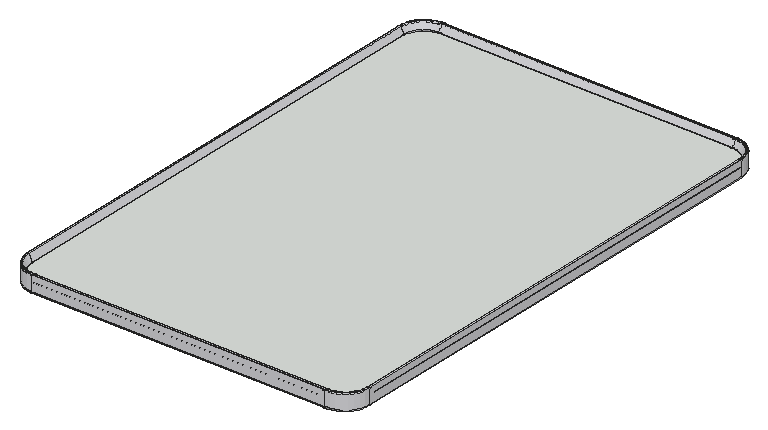
Revit family "Furniture-Mirror-KOHLER-Essential-K-31365_1", category Specialty Equipment, host Face, Revit 2022
Family settings
  Host = Face
  Round Connector Dimension = Use Diameter
  Part Type = Normal
  OmniClass Number = 23.21.37.13.15
  OmniClass Title = Mirrors
  Cut with Voids When Loaded = No
  Maintain Annotation Orientation = No
  Shared = No
  Room Calculation Point = No
Parameters (values of type "CPL-Polished Chrome")
  Width = 1.37795"  # constant formula
  WaterSense Certified = 1 = 0  # no
  URL = "https://www.us.kohler.com/us/"
  Type = 1
  Product Page URL = "http://www.us.kohler.com/us/catalog/productDetails.jsp?productId=31365"
  Product Name = "Essential"  # constant formula
  Product Documentation Link = "https://www.us.kohler.com/webassets/kpna/catalog/pdf/en/K-31365_spec_US-CA_Kohler_en.pdf"
  Model = if(Type = 1, "K-31365-CPL", if(Type = 2, "K-31365-BNL", if(Type = 3, "K-31365-BLL", if(Type = 4, "K-31365-BGL", "NA"))))  # "K-31365-CPL"
  Material = "Premium Metal Construction"  # constant formula
  Master Format 2014 Name = "Cabinet and Drawer Hardware"  # constant formula
  Master Format 2014 = "06 41 93"  # constant formula
  Manufacturer Address = "444 Highland Dr, Kohler, WI 53044"  # constant formula
  Manufacturer = "Kohler Co."  # constant formula
  Length = 30"  # constant formula
  Height = 45"  # constant formula
  Finish = KOHLER-Metal-CPL-Polished_Chrome
  Environmental Product Declaration = ""
  Description = "Rectangle Mirror"  # constant formula
  Default Elevation = 60"
  Declare Label = ""
  Date Modified = "07/01/2022"  # constant formula
  Date Created = "07/01/2022"  # constant formula
  Copyright = "Copyright Kohler Co."  # constant formula
  Contact Us = "https://www.us.kohler.com/us/static/contact.jsp"
  Assembly Code = "E20"
  ADA Compliant = 1 = 0  # no
Types (5): name | Type | Model | Finish
  (no name) | 1 | "K-31365-CPL" | KOHLER-Metal-CPL-Polished_Chrome
  CPL-Polished Chrome | 1 | "K-31365-CPL" | KOHLER-Metal-CPL-Polished_Chrome
  BNL-Brushed Nickel | 2 | "K-31365-BNL" | KOHLER-Metal-BNL-Brushed_Nickel
  BLL-Matte Black | 3 | "K-31365-BLL" | KOHLER-Metal-BLL-Matte_Black
  BGL-Moderne Brushed Gold | 4 | "K-31365-BGL" | KOHLER-Metal-BGL-Moderne_Brushed_Gold
Reference planes (in)
  plane 1 "Center (Front/Back)": y = 0
  plane 2: z = 0
  plane 3 "Center (Left/Right)": x = 0
  plane 4: x = -15
  plane 5: x = -15
  plane 6: x = 15
  plane 7: y = 22.5
  plane 8: y = -22.5
  plane 9: x = -15
  plane 10: y = 22.5
  plane 11: z = 1.37795
  plane 12: x = 9.96063
  plane 13: x = 10.19685
  plane 14: x = 6.65354
  plane 15: y = 14.15354
  plane 16: y = 9.98031
  plane 17: y = -9.98031
  plane 18: x = -10.11811
Dimensions and locks (in)
  "Height": plane 8 to plane 10
  "Length": plane 5 to plane 6
  "Width": plane 11 to level
  locked: plane 9 to plane 6 at 30
  plane 10 to plane 8 = 45"
  level to plane 11 = 1.37795"
  aligned and locked: plane 2 to host face
  aligned and locked: level to host face
  aligned and locked: plane 3 "Center (Left/Right)" to nested 1
  aligned and locked: plane 1 "Center (Front/Back)" to nested 1
Automatic sketch dimensions
  host sketch curve to host sketch curve = 96"  (x2)
Nested families (in)
  nested 1: "K-31365" at (0, 0, 0), type "K-31365"
Definition of nested family "K-31365"
  Parameters
    Material = none
    Default Elevation = 0"
  Reference planes (in)
    plane 1 "Center (Front/Back)": y = 0
    plane 2: z = 0
    plane 3 "Center (Left/Right)": x = 0
    plane 4: x = -15
    plane 5: x = 15
    plane 6: z = 1.37795
    plane 7: y = 22.5
    plane 8: y = -22.5
    plane 9: y = 14.15354
    plane 10: x = 9.96063
    plane 11: x = -10.11811
    plane 12: x = 10.19685
    plane 13: x = 6.65354
    plane 14: y = -9.98031
    plane 15: y = 9.98031
  Forms (in)
    Sweep 1, solid, material <- "Material", detail levels medium+fine
      path origin (0, 0, 0) x (1, 0, 0) y (0, 1, 0)
        loop
          arc (-12.83465, 22.5) -> (-14.36578, 21.86578) -> (-15, 20.33465) r 2.16535
          line (-15, 20.33465) -> (-15, -20.33465)
          arc (-15, -20.33465) -> (-14.36578, -21.86578) -> (-12.83465, -22.5) r 2.16535
          line (-12.83465, -22.5) -> (12.83465, -22.5)
          arc (12.83465, -22.5) -> (14.36578, -21.86578) -> (15, -20.33465) r 2.16535
          line (15, -20.33465) -> (15, 20.33465)
          arc (15, 20.33465) -> (14.36578, 21.86578) -> (12.83465, 22.5) r 2.16535
          line (12.83465, 22.5) -> (-12.83465, 22.5)
      profile origin (0, 22.5, 0) x (0, 1, 0) y (0, 0, 1)
        loop
          arc (0, 1.35673) -> (-0.00621, 1.37174) -> (-0.02122, 1.37795) r 0.02122
          line (-0.02122, 1.37795) -> (-0.12599, 1.37795)
          arc (-0.12599, 1.37795) -> (-0.14221, 1.37345) -> (-0.1538, 1.36124) r 0.0315
          line (-0.1538, 1.36124) -> (-0.44488, 0.81379)
          arc (-0.44488, 0.81379) -> (-0.44442, 0.79611) -> (-0.42902, 0.7874) r 0.01796
          line (-0.42902, 0.7874) -> (-0.11092, 0.7874) -> (-0.11092, 0.62992) -> (-0.54399, 0.62992) -> (-0.54399, 0) -> (-0.02416, 0)
          arc (-0.02416, 0) -> (-0.00707, 0.00707) -> (0, 0.02416) r 0.02416
          line (0, 0.02416) -> (0, 1.35673)
    Extrusion 2, solid, material <- "Material", detail levels medium+fine
      sketch origin (0, 0, 0) x (1, 0, 0) y (0, 1, 0)
        loop
          arc (14.48062, 20.29375) -> (13.98654, 21.48654) -> (12.79375, 21.98062) r 1.68687
          line (12.79375, 21.98062) -> (-12.79375, 21.98062)
          arc (-12.79375, 21.98062) -> (-13.98654, 21.48654) -> (-14.48062, 20.29375) r 1.68687
          line (-14.48062, 20.29375) -> (-14.48062, -20.29375)
          arc (-14.48062, -20.29375) -> (-13.98654, -21.48654) -> (-12.79375, -21.98062) r 1.68687
          line (-12.79375, -21.98062) -> (12.79375, -21.98062)
          arc (12.79375, -21.98062) -> (13.98654, -21.48654) -> (14.48062, -20.29375) r 1.68687
          line (14.48062, -20.29375) -> (14.48062, 20.29375)
      from 0 to 0.62992
    Sweep 3, solid, detail levels medium+fine
      path origin (0, 0, 0) x (1, 0, 0) y (0, 1, 0)
        loop
          arc (-12.83465, 22.5) -> (-14.36578, 21.86578) -> (-15, 20.33465) r 2.16535
          line (-15, 20.33465) -> (-15, -20.33465)
          arc (-15, -20.33465) -> (-14.36578, -21.86578) -> (-12.83465, -22.5) r 2.16535
          line (-12.83465, -22.5) -> (12.83465, -22.5)
          arc (12.83465, -22.5) -> (14.36578, -21.86578) -> (15, -20.33465) r 2.16535
          line (15, -20.33465) -> (15, 20.33465)
          arc (15, 20.33465) -> (14.36578, 21.86578) -> (12.83465, 22.5) r 2.16535
          line (12.83465, 22.5) -> (-12.83465, 22.5)
      profile origin (0, 22.5, 0) x (0, 1, 0) y (0, 0, 1)
        loop
          line (-0.16881, 0.74803) -> (-0.20818, 0.7874) -> (-0.54619, 0.7874) -> (-0.54619, 0.62992) -> (-0.20818, 0.62992) -> (-0.16881, 0.66929) -> (-0.16881, 0.74803)
    Extrusion 4, solid, detail levels medium+fine
      sketch origin (0, 0, 0) x (1, 0, 0) y (0, 1, 0)
        loop
          arc (-12.83465, 21.95381) -> (-13.97957, 21.47957) -> (-14.45381, 20.33465) r 1.61917
          line (-14.45381, 20.33465) -> (-14.45381, -20.33465)
          arc (-14.45381, -20.33465) -> (-13.97957, -21.47957) -> (-12.83465, -21.95381) r 1.61917
          line (-12.83465, -21.95381) -> (12.83465, -21.95381)
          arc (12.83465, -21.95381) -> (13.97957, -21.47957) -> (14.45381, -20.33465) r 1.61917
          line (14.45381, -20.33465) -> (14.45381, 20.33465)
          arc (14.45381, 20.33465) -> (13.97957, 21.47957) -> (12.83465, 21.95381) r 1.61917
          line (12.83465, 21.95381) -> (-12.83465, 21.95381)
      from 0.62992 to 0.7874
    Sweep 5, solid, material <- "Material", detail levels coarse
      path origin (0, 0, 0) x (1, 0, 0) y (0, 1, 0)
        loop
          arc (-12.83465, 22.5) -> (-14.36578, 21.86578) -> (-15, 20.33465) r 2.16535
          line (-15, 20.33465) -> (-15, -20.33465)
          arc (-15, -20.33465) -> (-14.36578, -21.86578) -> (-12.83465, -22.5) r 2.16535
          line (-12.83465, -22.5) -> (12.83465, -22.5)
          arc (12.83465, -22.5) -> (14.36578, -21.86578) -> (15, -20.33465) r 2.16535
          line (15, -20.33465) -> (15, 20.33465)
          arc (15, 20.33465) -> (14.36578, 21.86578) -> (12.83465, 22.5) r 2.16535
          line (12.83465, 22.5) -> (-12.83465, 22.5)
      profile origin (0, 22.5, 0) x (0, 1, 0) y (0, 0, 1)
        loop
          line (0, 1.37795) -> (-0.15362, 1.37795) -> (-0.48097, 0.7874) -> (-0.11092, 0.7874) -> (-0.11092, 0.62992) -> (-0.70147, 0.62992) -> (-0.70147, 0) -> (0, 0) -> (0, 1.37795)
    Extrusion 6, solid, material <- "Material", detail levels coarse
      sketch origin (0, 0, 0) x (1, 0, 0) y (0, 1, 0)
        loop
          arc (-12.77294, 21.84774) -> (-13.8865, 21.3865) -> (-14.34774, 20.27294) r 1.5748
          line (-14.34774, 20.27294) -> (-14.34774, -20.27294)
          arc (-14.34774, -20.27294) -> (-13.8865, -21.3865) -> (-12.77294, -21.84774) r 1.5748
          line (-12.77294, -21.84774) -> (12.77294, -21.84774)
          arc (12.77294, -21.84774) -> (13.8865, -21.3865) -> (14.34774, -20.27294) r 1.5748
          line (14.34774, -20.27294) -> (14.34774, 20.27294)
          arc (14.34774, 20.27294) -> (13.8865, 21.3865) -> (12.77294, 21.84774) r 1.5748
          line (12.77294, 21.84774) -> (-12.77294, 21.84774)
      from 0 to 0.62992
    Extrusion 7, solid, detail levels coarse
      sketch origin (0, 0, 0) x (1, 0, 0) y (0, 1, 0)
        loop
          line (12.83465, 22.33119) -> (-12.83465, 22.33119)
          arc (-12.83465, 22.33119) -> (-14.24642, 21.74642) -> (-14.83119, 20.33465) r 1.99654
          line (-14.83119, 20.33465) -> (-14.83119, -20.33465)
          arc (-14.83119, -20.33465) -> (-14.24642, -21.74642) -> (-12.83465, -22.33119) r 1.99654
          line (-12.83465, -22.33119) -> (12.83465, -22.33119)
          arc (12.83465, -22.33119) -> (14.24642, -21.74642) -> (14.83119, -20.33465) r 1.99654
          line (14.83119, -20.33465) -> (14.83119, 20.33465)
          arc (14.83119, 20.33465) -> (14.24642, 21.74642) -> (12.83465, 22.33119) r 1.99654
      from 0.62992 to 0.7874
  Cuts and joins
    joined: Sweep 1, Extrusion 2
    joined: Sweep 3, Extrusion 4
    joined: Sweep 5, Extrusion 6
  Lines and regions (in)
    Masking region 1
      outline origin (0, 0, 0) x (1, 0, 0) y (0, 0, 1)
        loop
          line (-15, 1.37795) -> (-15, 0) -> (15, 0) -> (15, 1.37795) -> (-15, 1.37795)
    Masking region 2
      outline origin (0, 0, 0) x (0, 1, 0) y (0, 0, 1)
        loop
          line (22.5, 1.37795) -> (-22.5, 1.37795) -> (-22.5, 0) -> (22.5, 0) -> (22.5, 1.37795)
    Masking region 3
      outline origin (0, 0, 0) x (1, 0, 0) y (0, 1, 0)
        loop
          arc (-12.83465, 22.5) -> (-14.36578, 21.86578) -> (-15, 20.33465) r 2.16535
          line (-15, 20.33465) -> (-15, -20.33465)
          arc (-15, -20.33465) -> (-14.36578, -21.86578) -> (-12.83465, -22.5) r 2.16535
          line (-12.83465, -22.5) -> (12.83465, -22.5)
          arc (12.83465, -22.5) -> (14.36578, -21.86578) -> (15, -20.33465) r 2.16535
          line (15, -20.33465) -> (15, 20.33465)
          arc (15, 20.33465) -> (14.36578, 21.86578) -> (12.83465, 22.5) r 2.16535
          line (12.83465, 22.5) -> (-12.83465, 22.5)
    symbolic lines, detail levels medium+fine
      curve 1: line (12.83465, 22.33119, 0) -> (-12.83465, 22.33119, 0)
      curve 2: line (12.82332, 22.29182, 0) -> (-12.82332, 22.29182, 0)
      curve 3: line (-12.83465, 22.38908, 0) -> (12.83465, 22.38908, 0)
      curve 4: line (-14.79182, -20.32332, 0) -> (-14.79182, 20.32332, 0)
      curve 5: line (-14.83119, 20.33465, 0) -> (-14.83119, -20.33465, 0)
      curve 6: line (-14.88908, -20.33465, 0) -> (-14.88908, 20.33465, 0)
      curve 7: line (-14.55191, 20.32212, 0) -> (-14.55191, -20.32212, 0)
      curve 8: line (-12.82279, 22.05123, 0) -> (12.82279, 22.05123, 0)
      curve 9: arc (-14.55191, 20.32212, 0) -> (-14.04546, 21.54479, 0) -> (-12.82279, 22.05123, 0) r 1.72912
      curve 10: arc (-12.82332, 22.29182, 0) -> (-14.21526, 21.71526, 0) -> (-14.79182, 20.32332, 0) r 1.9685
      curve 11: arc (-12.83465, 22.33119, 0) -> (-14.24642, 21.74642, 0) -> (-14.83119, 20.33465, 0) r 1.99654
      curve 12: arc (-12.83465, 22.38908, 0) -> (-14.28735, 21.78735, 0) -> (-14.88908, 20.33465, 0) r 2.05444
      curve 13: line (12.83465, -22.38908, 0) -> (-12.83465, -22.38908, 0)
      curve 14: line (-12.83465, -22.33119, 0) -> (12.83465, -22.33119, 0)
      curve 15: line (12.82332, -22.29182, 0) -> (-12.82332, -22.29182, 0)
      curve 16: arc (-14.55191, -20.32212, 0) -> (-14.04546, -21.54479, 0) -> (-12.82279, -22.05123, 0) r 1.72912
      curve 17: arc (-12.82332, -22.29182, 0) -> (-14.21526, -21.71526, 0) -> (-14.79182, -20.32332, 0) r 1.9685
      curve 18: arc (-12.83465, -22.33119, 0) -> (-14.24642, -21.74642, 0) -> (-14.83119, -20.33465, 0) r 1.99654
      curve 19: arc (-12.83465, -22.38908, 0) -> (-14.28735, -21.78735, 0) -> (-14.88908, -20.33465, 0) r 2.05444
      curve 20: line (-12.82279, -22.05123, 0) -> (12.82279, -22.05123, 0)
      curve 21: line (14.79182, -20.32332, 0) -> (14.79182, 20.32332, 0)
      curve 22: line (14.83119, 20.33465, 0) -> (14.83119, -20.33465, 0)
      curve 23: line (14.88908, -20.33465, 0) -> (14.88908, 20.33465, 0)
      curve 24: line (14.55191, 20.32212, 0) -> (14.55191, -20.32212, 0)
      curve 25: arc (14.55191, 20.32212, 0) -> (14.04546, 21.54479, 0) -> (12.82279, 22.05123, 0) r 1.72912
      curve 26: arc (12.82332, 22.29182, 0) -> (14.21526, 21.71526, 0) -> (14.79182, 20.32332, 0) r 1.9685
      curve 27: arc (12.83465, 22.33119, 0) -> (13.3633, 22.25993, 0) -> (13.85421, 22.05123, 0) r 1.99654
      curve 28: arc (12.83465, 22.38908, 0) -> (14.28735, 21.78735, 0) -> (14.88908, 20.33465, 0) r 2.05444
      curve 29: arc (14.55191, -20.32212, 0) -> (14.04546, -21.54479, 0) -> (12.82279, -22.05123, 0) r 1.72912
      curve 30: arc (12.82332, -22.29182, 0) -> (14.21526, -21.71526, 0) -> (14.79182, -20.32332, 0) r 1.9685
      curve 31: arc (12.83465, -22.33119, 0) -> (14.24642, -21.74642, 0) -> (14.83119, -20.33465, 0) r 1.99654
      curve 32: arc (12.83465, -22.38908, 0) -> (14.28735, -21.78735, 0) -> (14.88908, -20.33465, 0) r 2.05444
  Dimensions and locks (in)
    locked: plane 6 to level at 1.37795
    locked: plane 4 to plane 5 at 30
    locked: plane 7 to plane 8 at 45
    plane 12 to plane 5 = 4.80315"
    aligned and locked: plane 2 to level
